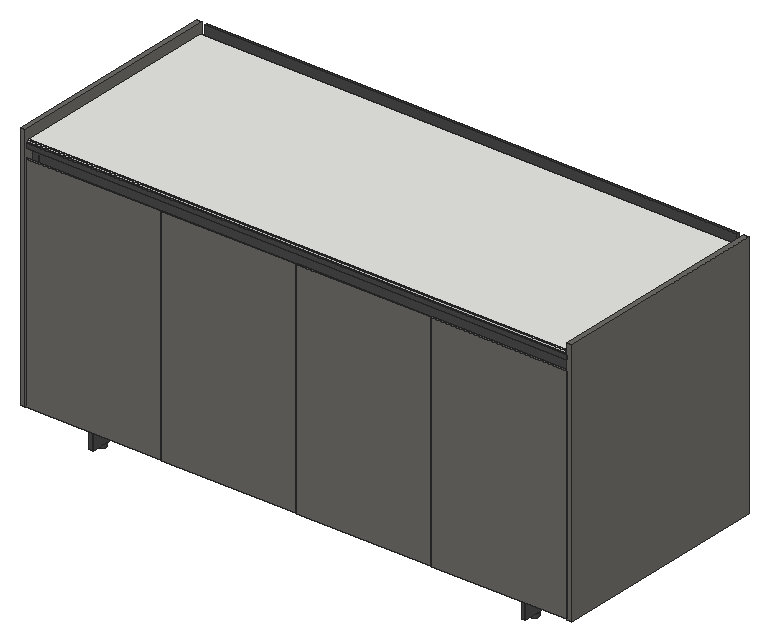
Revit family "Storage-Teknion-CW2B_C+D_Two_Storage_Credenza_29_Height_Low_Base-R2020", category Furniture, Revit 2020
Family settings
  OmniClass Number = 23.40.20.00
  OmniClass Title = General Furniture and Specialties
  Work Plane-Based = No
  Always vertical = Yes
  Cut with Voids When Loaded = No
  Shared = Yes
  Room Calculation Point = No
Parameters (values of type "24D x 60W")
  Width = 60.000"
  Warranty = "http://www.teknion.com/ca/papers/legal-canada"
  Top Finish [instance] = Laminate - StudioTK - RY - White Solid Core
  Storage Configuration Selection [instance] = "Please select only one storage configuration below."  # constant formula
  Right Waste [instance] = or([(VW) Left A/V with Upper Drawer , Right Waste], [(AW) Left A/V , Right Waste], [(DW) Left Drawers , Right Waste], [(CW) Left Closed Storage , Right Waste])  # no
  Right V&A Cut out [instance] = if(or([(WV) Left Waste , Right A/V with Upper Drawer], [(WA) Left Waste , Right A/V], [(CA) Left Closed Storage , Right A/V], [(CV) Left Closed Storage , Right A/V with Upper Drawer]), 15.000", 8.000")  # 15.000"
  Unit Weight URL = "http://www.teknion.com/ca/tools/assets#&asset=bee6a381-b954-425e-8283-5a2de3a804f2,f828d448-4b62-4231-9e5f-9a8991c0ed77"
  URL = "www.teknion.com"
  To render please download texture images found here [instance] = "https://assets.teknion.com/web/5e81352c1dfdb467/revit-material-swatches/"
  Sustainability Data = "https://www.teknion.com/ca/tools/assets#&topic=216f99a5-57a0-44fc-b10a-9dee9b29ae4c&asset=444deb64-fe58-4b68-981e-f75e97781df7,b4ff2d81-9f2e-437d-9659-7cffb09c31cf"
  Series = "C+D Conference Table"  # constant formula
  Right V&A 2D Lines [instance] = or([(WV) Left Waste , Right A/V with Upper Drawer], [(WA) Left Waste , Right A/V], [(CA) Left Closed Storage , Right A/V], [(CV) Left Closed Storage , Right A/V with Upper Drawer])  # yes
  Right Drawers [instance] = or([(DD) All Drawers], [(WD) Left Waste , Right Drawers])  # no
  Right Double Door [instance] = or([(WV) Left Waste , Right A/V with Upper Drawer], [(WA) Left Waste , Right A/V], [(VC) Left A/V with Upper Drawer , Right Closed Storage], [(AC) Left A/V , Right Closed Storage], [(CC) All Close Storage], [(CA) Left Closed Storage , Right A/V], [(CV) Left Closed Storage , Right A/V with Upper Drawer], [(WC)  Left Waste , Right Closed Storage])  # yes
  Right Door [instance] = not(or(Right Drawers, Right Waste))  # yes
  Middle 2D Node [instance] = or([(VW) Left A/V with Upper Drawer , Right Waste], [(DD) All Drawers], [(WD) Left Waste , Right Drawers], [(CV) Left Closed Storage , Right A/V with Upper Drawer])  # no
  Left Waste [instance] = or([(WV) Left Waste , Right A/V with Upper Drawer], [(WA) Left Waste , Right A/V], [(WC)  Left Waste , Right Closed Storage], [(WD) Left Waste , Right Drawers])  # no
  Left V&A Cut Out [instance] = if(or([(VW) Left A/V with Upper Drawer , Right Waste], [(AW) Left A/V , Right Waste], [(AC) Left A/V , Right Closed Storage], [(VC) Left A/V with Upper Drawer , Right Closed Storage]), 15.000", 8.000")  # 8.000"
  Left V&A 2D Lines [instance] = or([(VW) Left A/V with Upper Drawer , Right Waste], [(AW) Left A/V , Right Waste], [(AC) Left A/V , Right Closed Storage], [(VC) Left A/V with Upper Drawer , Right Closed Storage])  # no
  Left Drawers [instance] = or([(DW) Left Drawers , Right Waste], [(DD) All Drawers])  # no
  Left Double Door [instance] = or([(VW) Left A/V with Upper Drawer , Right Waste], [(AW) Left A/V , Right Waste], [(CW) Left Closed Storage , Right Waste], [(CV) Left Closed Storage , Right A/V with Upper Drawer], [(CA) Left Closed Storage , Right A/V], [(AC) Left A/V , Right Closed Storage], [(VC) Left A/V with Upper Drawer , Right Closed Storage], [(CC) All Close Storage])  # yes
  Left Door [instance] = not(or(Left Drawers, Left Waste))  # yes
  Door Size = 14.642"
  Description = "C+D Two Storage Credenza, 29\" Height, Low Based, 24\" Depth, 60\" Width"
  Case Finish [instance] = Veneer - Teknion - VP - Chia
  24 2D Node = yes
  20 2D Node = no
  (WV) Left Waste , Right A/V with Upper Drawer [instance] = no
  (VW) Left A/V with Upper Drawer , Right Waste [instance] = no
  (WD) Left Waste , Right Drawers [instance] = no
  (WA) Left Waste , Right A/V [instance] = no
  (DW) Left Drawers , Right Waste [instance] = no
  (CW) Left Closed Storage , Right Waste [instance] = no
  (CV) Left Closed Storage , Right A/V with Upper Drawer [instance] = no
  Product Page URL = "https://www.teknion.com/ca/products/product-details?productLineId=f681026f-8e7a-673b-a6c8-ff05004460c4"
  Product Line = "C+D Credenzas"  # constant formula
  Product Documentation Link = "https://www.teknion.com/pricing/cd-conference-table/pdfs/Credenzas_ppg.pdf"
  Part Number = "CW2B"  # constant formula
  Model = "CW2B_2460"
  Manufacturer Phone = "416-661-3370"  # constant formula
  Manufacturer Fax = "416.661.4586"  # constant formula
  Manufacturer Contact Information = "http://www.teknion.com/ca/contactus"
  Manufacturer Address = "1150 Flint Road, Toronto, ON. M3J 2J5. Canada"  # constant formula
  Manufacturer = "Teknion"  # constant formula
  (CA) Left Closed Storage , Right A/V [instance] = yes
  (DD) All Drawers [instance] = no
  (CC) All Close Storage [instance] = not(or([(DD) All Drawers], [(AC) Left A/V , Right Closed Storage], [(VC) Left A/V with Upper Drawer , Right Closed Storage], [(CA) Left Closed Storage , Right A/V], [(CV) Left Closed Storage , Right A/V with Upper Drawer], [(WC)  Left Waste , Right Closed Storage], [(WD) Left Waste , Right Drawers], [(WA) Left Waste , Right A/V], [(WV) Left Waste , Right A/V with Upper Drawer], [(CW) Left Closed Storage , Right Waste], [(DW) Left Drawers , Right Waste], [(AW) Left A/V , Right Waste], [(VW) Left A/V with Upper Drawer , Right Waste]))  # no
  (VC) Left A/V with Upper Drawer , Right Closed Storage [instance] = no
  How To Use Teknion Materials User Guide [instance] = "https://assets.teknion.com/m/205dd0a49fa58060/original/How-to-add-a-Material-Library-and-Texture-Images-to-your-Revit-project.pdf"
  For Additional Finishes please visit [instance] = "https://assets.teknion.com/m/44a8009b046e5d47/original/Teknion_Materials_Library.zip"
  Depth = 24.000"
  Default Elevation = 0.000"
  Assembly Code = "E2020200"
  (WC)  Left Waste , Right Closed Storage [instance] = no
  (AW) Left A/V , Right Waste [instance] = no
  (AC) Left A/V , Right Closed Storage [instance] = no
Types (5): name | Width | Top Finish | Middle 2D Node | Left Waste | Left Double Door | Left Door | Door Size | Description | Case Finish | 24 2D Node | 20 2D Node | (WA) Left Waste , Right A/V | (CV) Left Closed Storage , Right A/V with Upper Drawer | Model | (CA) Left Closed Storage , Right A/V | Depth
  (no name) | 60.000" | Laminate - StudioTK - RY - White Solid Core | no | no | yes | yes | 14.642" | "C+D Two Storage Credenza, 29\" Height, Low Based, 24\" Depth, 60\" Width" | Veneer - Teknion - VP - Chia | yes | no | no | no | "CW2B_2460" | yes | 24.000"
  20D x 60W | 60.000" | Veneer -Teknion - UR - Rustic Oak - Natural | yes | no | yes | yes | 14.642" | "C+D Two Storage Credenza, 29\" Height, Low Based, 20\" Depth, 60\" Width" | Veneer -Teknion - UZ - Rustic Oak - Truffle | no | yes | no | yes | "CW2B_2060" | no | 20.000"
  20D x 72W | 72.000" | Back-painted Glass - BQ - Teknion - Anthracite | yes | no | yes | yes | 17.642" | "C+D Two Storage Credenza, 29\" Height, Low Based, 20\" Depth, 72\" Width" | Veneer - Teknion - VJ - Bistre | no | yes | no | yes | "CW2B_2072" | no | 20.000"
  24D x 72W | 72.000" | none | no | yes | no | no | 17.642" | "C+D Two Storage Credenza, 29\" Height, Low Based, 24\" Depth, 72\" Width" | Veneer - Teknion - VP - Chia | yes | no | yes | no | "CW2B_2472" | no | 24.000"
  24D x 60W | 60.000" | Laminate - StudioTK - RY - White Solid Core | no | no | yes | yes | 14.642" | "C+D Two Storage Credenza, 29\" Height, Low Based, 24\" Depth, 60\" Width" | Veneer - Teknion - VP - Chia | yes | no | no | no | "CW2B_2460" | yes | 24.000"
Reference planes (in)
  plane 1 "Center Front/Back": y = -10
  plane 2: z = 0
  plane 3 "Center Left/Right": x = 30
  plane 4 "Left": x = 0
  plane 5 "Right": x = 60
  plane 6 "Back": y = 2
  plane 7 "Front": y = -22
  plane 8 "Top": z = 30.00394
  plane 9: x = 15.28445
  plane 10: x = 0.5689
  plane 11: x = 59.4311
  plane 12: x = 44.71555
  plane 13: x = 6.46
  plane 14: x = 53.54
  plane 15: y = -19.00095
  plane 16: y = -0.99905
  plane 17: y = -21.23622
Forms (in)
  Sweep 1, solid, material "Veneer - Teknion - VP - Chia" <- "Case Finish"
    path origin (0, -10, 0) x (1, 0, 0) y (0, 0, 1)
      loop
        line (0.53937, 30.00394) -> (0.53937, 3)
    profile origin (0.53937, -10, 16.50197) x (0, -1, 0) y (1, 0, 0)
      loop
        line (-12, -0.53937) -> (12, -0.53937) -> (12, 0) -> (-12, 0) -> (-12, -0.53937)
      loop
        line (-12, 59.46063) -> (-12, 58.92126) -> (12, 58.92126) -> (12, 59.46063) -> (-12, 59.46063)
  Sweep 2, solid, material "Veneer - Teknion - VP - Chia" <- "Case Finish"
    path origin (30, 0, 0) x (0, 1, 0) y (0, 0, 1)
      loop
        line (1.21654, 26.95276) -> (1.21654, 3)
    profile origin (30, 1.21654, 14.97638) x (1, 0, 0) y (0, 1, 0)
      loop
        line (-29.46063, 0.72441) -> (-29.46063, 0) -> (29.46063, 0) -> (29.46063, 0.72441) -> (-29.46063, 0.72441)
  Sweep 3, solid, material "Veneer - Teknion - VP - Chia" <- "Case Finish"
    path origin (0, -10, 0) x (1, 0, 0) y (0, 0, 1)
      loop
        line (0.53937, 3) -> (59.46063, 3)
    profile origin (30, -10, 3) x (0, 0, 1) y (0, -1, 0)
      loop
        line (1.03937, 11.03819) -> (0, 11.03819) -> (0, -11.21654) -> (1.03937, -11.21654) -> (1.03937, 11.03819)
  Sweep 4, solid, material "Veneer - Teknion - VP - Chia" <- "Case Finish"
    path origin (0, -10, 0) x (1, 0, 0) y (0, 0, 1)
      loop
        line (29.6378, 3) -> (29.6378, 27.54331)
    profile origin (29.6378, -10, 15.27165) x (-1, 0, 0) y (0, -1, 0)
      loop
        line (29.09843, -11.21654) -> (29.09843, 11.03819) -> (28.37402, 11.03819) -> (28.37402, -11.21654) -> (29.09843, -11.21654)
      loop
        line (0, -11.21654) -> (0, 11.03819) -> (-0.72441, 11.03819) -> (-0.72441, -11.21654) -> (0, -11.21654)
      loop
        line (-29.09843, 11.03819) -> (-29.82283, 11.03819) -> (-29.82283, -11.21654) -> (-29.09843, -11.21654) -> (-29.09843, 11.03819)
  Sweep 5, solid, material "Veneer - Teknion - VP - Chia" <- "Case Finish"
    path origin (0, -10, 0) x (1, 0, 0) y (0, 0, 1)
      loop
        line (59.46063, 28.29134) -> (0.53937, 28.29134)
    profile origin (30, -10, 28.29134) x (0, 0, -1) y (0, -1, 0)
      loop
        line (0, -11.76378) -> (0.74803, -11.76378) -> (0.74803, 11.03819) -> (0, 11.03819) -> (0, -11.76378)
  Sweep 6, solid, material "Veneer - Teknion - VP - Chia" <- "Case Finish", visible <- "Left Double Door"
    path origin (0, -10, 0) x (1, 0, 0) y (0, 0, 1)
      loop
        line (15.24016, 27.25197) -> (0.59843, 27.25197)
    profile origin (7.91929, -10, 27.25197) x (0, 0, -1) y (0, -1, 0)
      loop
        line (0, 11.96063) -> (0, 11.84252) -> (0.6063, 11.23622) -> (24.25197, 11.23622) -> (24.25197, 11.96063) -> (0, 11.96063)
  Sweep 7, solid, material "Veneer - Teknion - VP - Chia" <- "Case Finish", visible <- "Left Double Door"
    path origin (14.72047, -10, 0) x (1, 0, 0) y (0, 0, 1)
      loop
        line (15.24016, 27.25197) -> (0.59843, 27.25197)
    profile origin (22.63976, -10, 27.25197) x (0, 0, -1) y (0, -1, 0)
      loop
        line (0, 11.96063) -> (0, 11.84252) -> (0.6063, 11.23622) -> (24.25197, 11.23622) -> (24.25197, 11.96063) -> (0, 11.96063)
  Sweep 8, solid, material "Veneer - Teknion - VP - Chia" <- "Case Finish", visible <- "Right Double Door"
    path origin (29.44094, -10, 0) x (1, 0, 0) y (0, 0, 1)
      loop
        line (15.24016, 27.25197) -> (0.59843, 27.25197)
    profile origin (37.36024, -10, 27.25197) x (0, 0, -1) y (0, -1, 0)
      loop
        line (0, 11.96063) -> (0, 11.84252) -> (0.6063, 11.23622) -> (24.25197, 11.23622) -> (24.25197, 11.96063) -> (0, 11.96063)
  Sweep 9, solid, material "Veneer - Teknion - VP - Chia" <- "Case Finish", visible <- "Right Double Door"
    path origin (44.16142, -10, 0) x (1, 0, 0) y (0, 0, 1)
      loop
        line (15.24016, 27.25197) -> (0.59843, 27.25197)
    profile origin (52.08071, -10, 27.25197) x (0, 0, -1) y (0, -1, 0)
      loop
        line (0, 11.96063) -> (0, 11.84252) -> (0.6063, 11.23622) -> (24.25197, 11.23622) -> (24.25197, 11.96063) -> (0, 11.96063)
  Sweep 10, solid, material "Veneer - Teknion - VP - Chia" <- "Case Finish", visible <- "Left Drawers"
    path origin (0, -10, 0) x (1, 0, 0) y (0, 0, 1)
      loop
        line (0.59843, 19.12598) -> (29.96063, 19.12598)
    profile origin (15.27953, -10, 19.12598) x (0, 0, 1) y (0, -1, 0)
      loop
        line (8.12598, 11.84252) -> (8.12598, 11.96063) -> (-3.5, 11.96063) -> (-3.5, 11.23622) -> (7.51969, 11.23622) -> (8.12598, 11.84252)
  Sweep 11, solid, material "Veneer - Teknion - VP - Chia" <- "Case Finish", visible <- "Left Drawers"
    path origin (0, -10, 0) x (1, 0, 0) y (0, 0, 1)
      loop
        line (29.96063, 18.12598) -> (0.59843, 18.12598)
    profile origin (15.27953, -10, 18.12598) x (0, 0, -1) y (0, -1, 0)
      loop
        line (3.5, 11.96063) -> (3.5, 11.84252) -> (4.1063, 11.23622) -> (15.12598, 11.23622) -> (15.12598, 11.96063) -> (3.5, 11.96063)
  Sweep 12, solid, material "Veneer - Teknion - VP - Chia" <- "Case Finish", visible <- "Right Drawers"
    path origin (29.44094, -10, 0) x (1, 0, 0) y (0, 0, 1)
      loop
        line (0.59843, 19.12598) -> (29.96063, 19.12598)
    profile origin (44.72047, -10, 19.12598) x (0, 0, 1) y (0, -1, 0)
      loop
        line (8.12598, 11.84252) -> (8.12598, 11.96063) -> (-3.5, 11.96063) -> (-3.5, 11.23622) -> (7.51969, 11.23622) -> (8.12598, 11.84252)
  Sweep 13, solid, material "Veneer - Teknion - VP - Chia" <- "Case Finish", visible <- "Right Drawers"
    path origin (29.44094, -10, 0) x (1, 0, 0) y (0, 0, 1)
      loop
        line (29.96063, 18.12598) -> (0.59843, 18.12598)
    profile origin (44.72047, -10, 18.12598) x (0, 0, -1) y (0, -1, 0)
      loop
        line (3.5, 11.96063) -> (3.5, 11.84252) -> (4.1063, 11.23622) -> (15.12598, 11.23622) -> (15.12598, 11.96063) -> (3.5, 11.96063)
  Sweep 14, solid, material "Paint - Teknion - 52 - Ebony"
    path origin (0, 0, 0) x (1, 0, 0) y (0, 1, 0)
      loop
        line (59.46063, -20.29016) -> (0.53937, -20.29016)
    profile origin (30, -20.29016, 0) x (0, -1, 0) y (0, 0, 1)
      loop
        line (1.67055, 28.78346) -> (1.27685, 28.78346) -> (1.27685, 28.33071) -> (0.74803, 28.33071) -> (0.74803, 27.54331) -> (0, 27.54331) -> (0, 26.32283) -> (0.82803, 26.32283) -> (0.82803, 28.25071) -> (1.67055, 28.25071) -> (1.67055, 28.78346)
  Sweep 15, solid, material "Paint - Teknion - 52 - Ebony"
    path origin (0, 0, 0) x (1, 0, 0) y (0, 1, 0)
      loop
        line (1.03937, 0.76378) -> (58.96063, 0.76378)
    profile origin (30, 0.76378, 0) x (0, 1, 0) y (0, 0, 1)
      loop
        line (1.23622, 30.00394) -> (1, 30.00394) -> (1, 28.58324)
        arc (1, 28.58324) -> (1, 28.52756) -> (0.94432, 28.52756) r 0.03937
        line (0.94432, 28.52756) -> (0, 28.52756) -> (0, 28.29134) -> (0.94432, 28.29134)
        arc (0.94432, 28.29134) -> (1, 28.29134) -> (1, 28.23566) r 0.03937
        line (1, 28.23566) -> (1, 27.54331) -> (1.23622, 27.54331) -> (1.23622, 30.00394)
  Sweep 16, solid, material "Veneer - Teknion - VP - Chia" <- "Case Finish", visible <- "Left Waste"
    path origin (0, -10, 0) x (1, 0, 0) y (0, 0, 1)
      loop
        line (29.96063, 27.25197) -> (0.59843, 27.25197)
    profile origin (15.27953, -10, 27.25197) x (0, 0, -1) y (0, -1, 0)
      loop
        line (0, 11.84252) -> (0.6063, 11.23622) -> (24.25197, 11.23622) -> (24.25197, 11.96063) -> (0, 11.96063) -> (0, 11.84252)
  Sweep 17, solid, material "Veneer - Teknion - VP - Chia" <- "Case Finish", visible <- "Right Waste"
    path origin (29.44094, -10, 0) x (1, 0, 0) y (0, 0, 1)
      loop
        line (29.96063, 27.25197) -> (0.59843, 27.25197)
    profile origin (44.72047, -10, 27.25197) x (0, 0, -1) y (0, -1, 0)
      loop
        line (0, 11.84252) -> (0.6063, 11.23622) -> (24.25197, 11.23622) -> (24.25197, 11.96063) -> (0, 11.96063) -> (0, 11.84252)
  Sweep 18, solid, material "Laminate - StudioTK - RY - White Solid Core" <- "Top Finish"
    path origin (0, -10, 0) x (1, 0, 0) y (0, 0, 1)
      loop
        line (0.53937, 29) -> (59.46063, 29)
    profile origin (30, -10, 29) x (0, 0, 1) y (0, -1, 0)
      loop
        arc (0, 11.66535) -> (-0.0173, 11.70711) -> (-0.05906, 11.72441) r 0.05906
        line (-0.05906, 11.72441) -> (-0.21654, 11.72441) -> (-0.21654, 11.48819) -> (-0.47244, 11.48819) -> (-0.47244, -11.76378) -> (0, -11.76378) -> (0, 11.66535)
  Sweep 19, solid, material "Paint - Teknion - 52 - Ebony", visible <- "Left Drawers"
    path origin (0, -10, 0) x (1, 0, 0) y (0, 0, 1)
      loop
        line (15.28445, 15.70472) -> (15.28445, 13.73622)
    profile origin (15.28445, -10, 14.72047) x (0, -1, 0) y (1, 0, 0)
      loop
        line (11.03819, -14.02067) -> (11.03819, -14.74508) -> (11.11319, -14.74508) -> (11.11319, 14.71555) -> (11.03819, 14.71555) -> (11.03819, 14.35335) -> (10.29016, 14.35335) -> (10.29016, -14.02067) -> (11.03819, -14.02067)
  Sweep 20, solid, material "Paint - Teknion - 52 - Ebony", visible <- "Right Drawers"
    path origin (29.46063, -10, 0) x (1, 0, 0) y (0, 0, 1)
      loop
        line (15.25492, 15.70472) -> (15.25492, 13.73622)
    profile origin (44.71555, -10, 14.72047) x (0, -1, 0) y (1, 0, 0)
      loop
        line (11.03819, -14.35335) -> (11.03819, -14.71555) -> (11.11319, -14.71555) -> (11.11319, 14.74508) -> (11.03819, 14.74508) -> (11.03819, 14.02067) -> (10.29016, 14.02067) -> (10.29016, -14.35335) -> (11.03819, -14.35335)
  Sweep 21, void
    path origin (54.48412, -2.36839, 48) x (0, 1, 0) y (0, 0, 1)
      loop
        line (7.36839, -29.52362) -> (-7.63161, -29.52362)
    profile origin (54.48412, -2.5, 18.47638) x (0, 0, -1) y (1, 0, 0)
      loop
        arc (-1.5, -14.39491) -> (-1.42678, -14.57169) -> (-1.25, -14.64491) r 0.25
        line (-1.25, -14.64491) -> (8.25, -14.64491)
        arc (8.25, -14.64491) -> (8.42678, -14.57169) -> (8.5, -14.39491) r 0.25
        line (8.5, -14.39491) -> (8.5, -4.89491)
        arc (8.5, -4.89491) -> (8.42678, -4.71813) -> (8.25, -4.64491) r 0.25
        line (8.25, -4.64491) -> (-1.25, -4.64491)
        arc (-1.25, -4.64491) -> (-1.42678, -4.71813) -> (-1.5, -4.89491) r 0.25
        line (-1.5, -4.89491) -> (-1.5, -14.39491)
  Sweep 22, void
    path origin (54.48412, -2.36839, 48) x (0, 1, 0) y (0, 0, 1)
      loop
        line (-7.63161, -29.52362) -> (0.36839, -29.52362)
    profile origin (54.48412, -6, 18.47638) x (0, 0, 1) y (1, 0, 0)
      loop
        line (1.5, -43.49333) -> (1.5, -33.99333)
        arc (1.5, -33.99333) -> (1.42678, -33.81656) -> (1.25, -33.74333) r 0.25
        line (1.25, -33.74333) -> (-8.25, -33.74333)
        arc (-8.25, -33.74333) -> (-8.42678, -33.81656) -> (-8.5, -33.99333) r 0.25
        line (-8.5, -33.99333) -> (-8.5, -43.49333)
        arc (-8.5, -43.49333) -> (-8.42678, -43.67011) -> (-8.25, -43.74333) r 0.25
        line (-8.25, -43.74333) -> (1.25, -43.74333)
        arc (1.25, -43.74333) -> (1.42678, -43.67011) -> (1.5, -43.49333) r 0.25
  Sweep 23, solid, material "Paint - Teknion - 52 - Ebony"
    path origin (0, -10, 0) x (1, 0, 0) y (0, 0, 1)
      loop
        line (6.46, 0.27559) -> (6.46, 0)
    profile origin (6.46, -10, 0.1378) x (0, -1, 0) y (1, 0, 0)
      loop
        circle (9.00095, 0) r 0.4143
      loop
        circle (-9.00095, 0) r 0.4143
      loop
        circle (-9.00095, 47.08) r 0.4143
      loop
        circle (9.00095, 47.08) r 0.4143
  Sweep 24, solid, material "Paint - Teknion - 52 - Ebony"
    path origin (0, -10, 0) x (1, 0, 0) y (0, 0, 1)
      loop
        line (6.46, 3) -> (6.46, 0.27559)
    profile origin (6.46, -10, 1.6378) x (0, -1, 0) y (1, 0, 0)
      loop
        line (10.5, -0.19094) -> (10.5, 0.19094) -> (10.44094, 0.25) -> (-10.44094, 0.25) -> (-10.5, 0.19094) -> (-10.5, -0.19094) -> (-10.44094, -0.25) -> (10.44094, -0.25) -> (10.5, -0.19094)
      loop
        line (10.5, 46.88906) -> (10.5, 47.27094) -> (10.44094, 47.33) -> (-10.44094, 47.33) -> (-10.5, 47.27094) -> (-10.5, 46.88906) -> (-10.44094, 46.83) -> (10.44094, 46.83) -> (10.5, 46.88906)
  Sweep 25, solid, material "Paint - Teknion - 52 - Ebony"
    path origin (0, -10, 0) x (1, 0, 0) y (0, 0, 1)
      loop
        line (30, 3) -> (30, 0.25)
    profile origin (30, -10, 1.625) x (0, -1, 0) y (1, 0, 0)
      loop
        line (-8.5, -23.29) -> (2.5, -23.29) -> (2.5, 23.29) -> (-8.5, 23.29) -> (-8.5, -23.29)
      loop
        line (-7.75, -22.54) -> (1.75, -22.54) -> (1.75, 22.54) -> (-7.75, 22.54) -> (-7.75, -22.54)
Cuts and joins
  Sweep 21, Sweep 22 cuts Sweep 2
Lines and regions (in)
  Masking region 1
    outline origin (0, 0, 0) x (1, 0, 0) y (0, 1, 0)
      loop
        line (0, 2) -> (0, -22) -> (0.53937, -22) -> (0.53937, -21.96071) -> (59.46063, -21.96071) -> (59.46063, -22) -> (60, -22) -> (60, 2) -> (59.46063, 2) -> (59.46063, 1.94094) -> (58.96063, 1.94094) -> (58.96063, 2) -> (1.03937, 2) -> (1.03937, 1.94094) -> (0.53937, 1.94094) -> (0.53937, 2) -> (0, 2)
  symbolic lines
    curve 1: line (0.53937, -22, 0) -> (0.53937, 2, 0)
    curve 2: line (0.53937, -21.72441, 0) -> (59.46063, -21.72441, 0)
    curve 3: line (59.46063, 2, 0) -> (59.46063, -22, 0)
    curve 4: line (59.46063, 1.76378, 0) -> (0.53937, 1.76378, 0)
    curve 5: line (58.96063, 2, 0) -> (58.96063, 1.76378, 0)
    curve 6: line (1.03937, 2, 0) -> (1.03937, 1.76378, 0)
  symbolic lines, style "FurnitureHiddenLines", detail levels medium+fine
    curve 7: line (59.46063, 1.94094, 0) -> (0.53937, 1.94094, 0)
    curve 8: line (1.03937, 0.76378, 0) -> (58.96063, 0.76378, 0)
    curve 9: line (59.46063, 1.21654, 0) -> (0.53937, 1.21654, 0)
    curve 10: line (1.26378, -21.03819, 0) -> (1.26378, 1.21654, 0)
    curve 11: line (1.03937, 0.76378, 0) -> (1.03937, 2, 0)
    curve 12: line (58.96063, 1.7081, 0) -> (1.03937, 1.7081, 0)
    curve 13: line (58.73622, 1.21654, 0) -> (58.73622, -21.03819, 0)
    curve 14: line (59.46063, -21.03819, 0) -> (0.53937, -21.03819, 0)
    curve 15: line (29.6378, 1.21654, 0) -> (29.6378, -21.03819, 0)
    curve 16: line (30.3622, -21.03819, 0) -> (30.3622, 1.21654, 0)
    curve 17: line (59.46063, -20.29016, 0) -> (0.53937, -20.29016, 0)
    curve 18: line (0.53937, -21.11819, 0) -> (59.46063, -21.11819, 0)
    curve 19: line (59.46063, -21.56701, 0) -> (0.53937, -21.56701, 0)
    curve 20: line (0.53937, -21.48819, 0) -> (59.46063, -21.48819, 0)
    curve 32: line (29.96063, -21.23622, 0) -> (29.96063, -21.96063, 0)
    curve 34: line (29.96063, -21.23622, 0) -> (0.59843, -21.23622, 0)
    curve 35: line (0.59843, -21.23622, 0) -> (0.59843, -21.96063, 0)
    curve 49: line (10.74079, 1.94094, 0) -> (20.74079, 1.94094, 0)
    curve 50: line (10.74079, 1.21654, 0) -> (10.74079, 1.94094, 0)
    curve 51: line (20.74079, 1.21654, 0) -> (10.74079, 1.21654, 0)
    curve 52: line (20.74079, 1.94094, 0) -> (20.74079, 1.21654, 0)
    curve 53: line (39.83921, 1.94094, 0) -> (49.83921, 1.94094, 0)
    curve 54: line (39.83921, 1.21654, 0) -> (39.83921, 1.94094, 0)
    curve 55: line (49.83921, 1.21654, 0) -> (39.83921, 1.21654, 0)
    curve 56: line (49.83921, 1.94094, 0) -> (49.83921, 1.21654, 0)
  symbolic lines, style "FurnitureHiddenLines", visible <- "Left Double Door", detail levels medium+fine
    curve 21: line (0.59843, -21.23622, 0) -> (0.59843, -21.96063, 0)
    curve 22: line (15.24016, -21.23622, 0) -> (15.24016, -21.96063, 0)
    curve 23: line (15.24016, -21.23622, 0) -> (0.59843, -21.23622, 0)
    curve 24: line (15.3189, -21.23622, 0) -> (15.3189, -21.96063, 0)
    curve 25: line (29.96063, -21.23622, 0) -> (15.3189, -21.23622, 0)
  symbolic lines, style "FurnitureHiddenLines", visible <- "Right Double Door", detail levels medium+fine
    curve 26: line (44.6811, -21.23622, 0) -> (44.6811, -21.96063, 0)
    curve 27: line (44.6811, -21.23622, 0) -> (30.03937, -21.23622, 0)
    curve 28: line (30.03937, -21.23622, 0) -> (30.03937, -21.96063, 0)
    curve 29: line (59.40157, -21.23622, 0) -> (44.75984, -21.23622, 0)
    curve 30: line (44.75984, -21.23622, 0) -> (44.75984, -21.96063, 0)
    curve 31: line (59.40157, -21.23622, 0) -> (59.40157, -21.96063, 0)
  symbolic lines, style "FurnitureHiddenLines", visible <- "Left Waste", detail levels medium+fine
    curve 33: line (29.96063, -21.23622, 0) -> (29.96063, -21.96063, 0)
  symbolic lines, style "FurnitureHiddenLines", visible <- "Right Drawers", detail levels medium+fine
    curve 36: line (30.03937, -21.23622, 0) -> (30.03937, -21.96063, 0)
    curve 37: line (59.40157, -21.23622, 0) -> (30.03937, -21.23622, 0)
    curve 38: line (59.40157, -21.23622, 0) -> (59.40157, -21.96063, 0)
  symbolic lines, style "FurnitureHiddenLines", visible <- "Left Drawers", detail levels medium+fine
    curve 39: line (0.59843, -21.96063, 0) -> (0.59843, -21.23622, 0)
    curve 40: line (29.96063, -21.23622, 0) -> (0.59843, -21.23622, 0)
    curve 41: line (29.96063, -21.96063, 0) -> (29.96063, -21.23622, 0)
  symbolic lines, style "FurnitureHiddenLines", visible <- "Right Waste", detail levels medium+fine
    curve 42: line (59.40157, -21.96063, 0) -> (59.40157, -21.23622, 0)
    curve 43: line (59.40157, -21.23622, 0) -> (30.03937, -21.23622, 0)
    curve 44: line (30.03937, -21.96063, 0) -> (30.03937, -21.23622, 0)
  reference lines
    curve 45: line (0, 2, 0) -> (60, 2, 0)
    curve 46: line (0, 4, 0) -> (0, -24, 0)
    curve 47: line (0, -22, 0) -> (60, -22, 0)
    curve 48: line (60, 4, 0) -> (60, -24, 0)
  symbolic lines, style "FurnitureHiddenLines", detail levels fine
    curve 57: line (6.71, -20.44094, 0) -> (6.71, 0.44094, 0)
    curve 58: arc (6.46, -1.41335, 0) -> (6.8743, -0.99905, 0) -> (6.46, -0.58475, 0) r 0.4143
    curve 59: arc (6.46, -0.58475, 0) -> (6.0457, -0.99905, 0) -> (6.46, -1.41335, 0) r 0.4143
    curve 60: line (6.71, 0.44094, 0) -> (6.65094, 0.5, 0)
    curve 61: line (6.65094, 0.5, 0) -> (6.26906, 0.5, 0)
    curve 62: line (6.26906, 0.5, 0) -> (6.21, 0.44094, 0)
    curve 63: line (6.21, 0.44094, 0) -> (6.21, -20.44094, 0)
    curve 64: line (6.26906, -20.5, 0) -> (6.65094, -20.5, 0)
    curve 65: line (6.21, -20.44094, 0) -> (6.26906, -20.5, 0)
    curve 66: line (6.65094, -20.5, 0) -> (6.71, -20.44094, 0)
    curve 67: arc (6.46, -19.41525, 0) -> (6.8743, -19.00095, 0) -> (6.46, -18.58665, 0) r 0.4143
    curve 68: arc (6.46, -18.58665, 0) -> (6.0457, -19.00095, 0) -> (6.46, -19.41525, 0) r 0.4143
    curve 69: line (6.71, -12.5, 0) -> (53.29, -12.5, 0)
    curve 70: line (52.54, -11.75, 0) -> (7.46, -11.75, 0)
    curve 71: line (7.46, -11.75, 0) -> (7.46, -2.25, 0)
    curve 72: line (52.54, -2.25, 0) -> (52.54, -11.75, 0)
    curve 73: line (7.46, -2.25, 0) -> (52.54, -2.25, 0)
    curve 74: line (53.29, -1.5, 0) -> (6.71, -1.5, 0)
    curve 75: line (53.29, 0.44094, 0) -> (53.29, -20.44094, 0)
    curve 76: line (53.79, -20.44094, 0) -> (53.79, 0.44094, 0)
    curve 77: line (53.34906, -20.5, 0) -> (53.73094, -20.5, 0)
    curve 78: line (53.29, -20.44094, 0) -> (53.34906, -20.5, 0)
    curve 79: line (53.73094, -20.5, 0) -> (53.79, -20.44094, 0)
    curve 80: line (53.73094, 0.5, 0) -> (53.34906, 0.5, 0)
    curve 81: line (53.34906, 0.5, 0) -> (53.29, 0.44094, 0)
    curve 82: line (53.79, 0.44094, 0) -> (53.73094, 0.5, 0)
    curve 83: arc (53.54, -1.41335, 0) -> (53.9543, -0.99905, 0) -> (53.54, -0.58475, 0) r 0.4143
    curve 84: arc (53.54, -0.58475, 0) -> (53.1257, -0.99905, 0) -> (53.54, -1.41335, 0) r 0.4143
    curve 85: arc (53.54, -19.41525, 0) -> (53.9543, -19.00095, 0) -> (53.54, -18.58665, 0) r 0.4143
    curve 86: arc (53.54, -18.58665, 0) -> (53.1257, -19.00095, 0) -> (53.54, -19.41525, 0) r 0.4143
Dimensions and locks (in)
  "Width": plane 4 "Left" to plane 5 "Right"
  "Depth": plane 6 "Back" to plane 7 "Front"
  plane 8 "Top" to level = 30.00394"
  locked: Sweep 1 sketch curve to Sweep 1 sketch curve at 0.53937  (x2)
  Sweep 2 sketch curve to plane 6 "Back" = 0.78346"
  plane 6 "Back" to Sweep 2 sketch curve to Sweep 2 sketch curve = 0.05906" locked, 0.72441" locked
  locked: Sweep 4 sketch curve to Sweep 4 sketch curve at 0.72441  (x2)
  locked: plane 7 "Front" to Sweep 3 sketch curve at 0.96181
  equal spacing: plane 4 "Left", plane 3 "Center Left/Right", plane 5 "Right"
  Sweep 4 sketch curve to plane 3 "Center Left/Right" to Sweep 4 sketch curve = 0.3622" locked, 0.3622" locked
  locked: plane 6 "Back" to Sweep 5 sketch curve at 0.23622
  locked: Sweep 5 sketch curve to plane 7 "Front" at 0.96181
  locked: Sweep 5 sketch curve to Sweep 5 sketch curve at 0.74803
  plane 7 "Front" to Sweep 6 sketch curve to Sweep 6 sketch curve = 0.03937" locked, 0.72441" locked
  locked: Sweep 6 sketch curve to plane 4 "Left" at 0.59843
  locked: Sweep 10 sketch curve to plane 4 "Left" at 0.59843
  locked: plane 3 "Center Left/Right" to Sweep 10 sketch curve at 0.03937
  locked: Sweep 10 sketch curve to plane 2 at 19.12598
  plane 7 "Front" to Sweep 10 sketch curve to Sweep 10 sketch curve = 0.03937" locked, 0.72441" locked
  locked: Sweep 11 sketch curve to plane 4 "Left" at 0.59843
  locked: plane 3 "Center Left/Right" to Sweep 11 sketch curve at 0.03937
  locked: Sweep 11 sketch curve to plane 2 at 18.12598
  plane 7 "Front" to Sweep 11 sketch curve to Sweep 11 sketch curve = 0.03937" locked, 0.72441" locked
  locked: Sweep 12 sketch curve to Sweep 12 sketch curve at 0.72441
  locked: Sweep 13 sketch curve to Sweep 13 sketch curve at 0.6063
  locked: Sweep 13 sketch curve to Sweep 13 sketch curve at 0.72441
  locked: Sweep 12 sketch curve to plane 5 "Right" at 0.59843
  locked: Sweep 12 sketch curve to plane 3 "Center Left/Right" at 0.03937
  locked: Sweep 12 sketch curve to plane 2 at 19.12598
  locked: Sweep 9 to Sweep 12 sketch curve at 0.6063
  locked: plane 7 "Front" to Sweep 12 sketch curve at 0.03937
  locked: Sweep 13 sketch curve to plane 3 "Center Left/Right" at 0.03937
  locked: Sweep 13 sketch curve to plane 5 "Right" at 0.59843
  locked: Sweep 13 sketch curve to plane 2 at 18.12598
  locked: plane 7 "Front" to Sweep 13 sketch curve at 0.03937
  locked: plane 4 "Left" to Sweep 14 sketch curve at 0.53937
  locked: Sweep 14 sketch curve to plane 5 "Right" at 0.53937
  locked: plane 7 "Front" to Sweep 14 sketch curve at 1.70984
  plane 7 "Front" to Sweep 14 sketch curve to Sweep 14 sketch curve to Sweep 14 sketch curve to Sweep 14 sketch curve = 0.03929" locked, 0.3937" locked, 0.44882" locked, 0.080" locked
  locked: Sweep 14 sketch curve to Sweep 14 sketch curve at 0.74803
  Sweep 14 sketch curve to Sweep 14 sketch curve to Sweep 14 sketch curve to Sweep 14 sketch curve to Sweep 14 sketch curve = 0.45276" locked, 0.080" locked, 0.7074" locked, 1.22047" locked
  locked: plane 4 "Left" to Sweep 15 sketch curve at 1.03937
  locked: Sweep 15 sketch curve to plane 5 "Right" at 1.03937
  locked: plane 6 "Back" to Sweep 15 sketch curve at 1.23622
  Sweep 15 sketch curve to Sweep 15 sketch curve to Sweep 15 sketch curve to Sweep 15 sketch curve = 1.47638" locked, 0.23622" locked, 0.74803" locked
  Sweep 15 sketch curve to Sweep 15 sketch curve to Sweep 15 sketch curve to Sweep 15 sketch curve = 1.000" locked, 0.000" locked, 0.23622" locked
  locked: Sweep 16 sketch curve to plane 4 "Left" at 0.59843
  locked: plane 3 "Center Left/Right" to Sweep 16 sketch curve at 0.03937
  locked: plane 8 "Top" to Sweep 16 sketch curve at 2.75197
  plane 7 "Front" to Sweep 16 sketch curve to Sweep 16 sketch curve to Sweep 16 sketch curve = 0.03937" locked, 0.11811" locked, 0.6063" locked
  Sweep 17 sketch curve to Sweep 17 sketch curve to Sweep 17 sketch curve = 0.11811" locked, 0.6063" locked
  locked: Sweep 17 sketch curve to plane 5 "Right" at 0.59843
  locked: Sweep 17 sketch curve to plane 3 "Center Left/Right" at 0.03937
  locked: plane 8 "Top" to Sweep 17 sketch curve at 2.75197  (x2)
  locked: plane 7 "Front" to Sweep 17 sketch curve at 0.03937
  locked: Sweep 18 sketch curve to plane 4 "Left" at 0.53937
  locked: Sweep 18 sketch curve to plane 5 "Right" at 0.53937
  locked: plane 8 "Top" to Sweep 18 sketch curve at 1.00394
  plane 8 "Top" to Sweep 18 sketch curve to Sweep 18 sketch curve = 1.00394" locked, 0.47244" locked
  plane 7 "Front" to Sweep 18 sketch curve to Sweep 18 sketch curve = 0.27559" locked, 0.23622" locked
  locked: Sweep 18 sketch curve to plane 6 "Back" at 0.23622
  equal spacing: plane 6 "Back", plane 1 "Center Front/Back", plane 7 "Front"
  plane 7 "Front" to Sweep 7 sketch curve to Sweep 7 sketch curve = 0.03937" locked, 0.72441" locked
  plane 7 "Front" to Sweep 9 sketch curve to Sweep 9 sketch curve = 0.03937" locked, 0.72441" locked
  locked: plane 8 "Top" to Sweep 9 sketch curve at 2.75197  (x2)
  plane 7 "Front" to Sweep 8 sketch curve to Sweep 8 sketch curve = 0.03937" locked, 0.72441" locked
  locked: plane 8 "Top" to Sweep 8 sketch curve at 2.75197  (x2)
  locked: plane 3 "Center Left/Right" to Sweep 7 sketch curve at 0.03937
  locked: plane 8 "Top" to Sweep 7 sketch curve at 2.75197
  locked: plane 8 "Top" to Sweep 6 sketch curve at 2.75197
  locked: Sweep 8 sketch curve to plane 3 "Center Left/Right" at 0.03937
  locked: Sweep 9 sketch curve to plane 5 "Right" at 0.59843
  equal spacing: plane 3 "Center Left/Right", plane 9, plane 10
  locked: plane 10 to plane 4 "Left" at 0.5689
  locked: Sweep 6 sketch curve to plane 9 at 0.04429
  locked: plane 9 to Sweep 7 sketch curve at 0.03445
  equal spacing: plane 11, plane 12, plane 3 "Center Left/Right"
  locked: plane 11 to plane 5 "Right" at 0.5689
  locked: plane 12 to Sweep 8 sketch curve at 0.03445
  locked: Sweep 9 sketch curve to plane 12 at 0.04429
  locked: Sweep 19 sketch curve to plane 3 "Center Left/Right" at 0.3622
  locked: plane 10 to Sweep 19 sketch curve at 0.69488
  plane 7 "Front" to Sweep 19 sketch curve to Sweep 19 sketch curve to Sweep 19 sketch curve to Sweep 19 sketch curve = 0.88681" locked, 0.075" locked, 0.000" locked, 0.74803" locked
  locked: Sweep 20 sketch curve to Sweep 20 sketch curve at 1.9685
  Sweep 20 sketch curve to Sweep 20 sketch curve to Sweep 20 sketch curve to Sweep 20 sketch curve = 0.075" locked, 0.000" locked, 0.74803" locked
  locked: plane 7 "Front" to Sweep 20 sketch curve at 0.88681
  locked: plane 3 "Center Left/Right" to Sweep 20 sketch curve at 0.3622
  locked: Sweep 20 sketch curve to plane 11 at 0.69488
  "Right V&A Cut out": Sweep 21 sketch curve to Sweep 21 sketch curve
  locked: Sweep 21 sketch curve to plane 2 at 18.47638
  "Left V&A Cut Out": Sweep 22 sketch curve to Sweep 22 sketch curve
  locked: plane 8 "Top" to Sweep 22 sketch curve at 11.52756
  plane 8 "Top" to Sweep 17 to Sweep 16 sketch curve to Sweep 16 sketch curve = 2.75197" locked, 0.6063" locked, 23.64567" locked
  Sweep 12 to Sweep 17 sketch curve to Sweep 17 sketch curve = 0.6063" locked, 23.64567" locked
  locked: Sweep 1 sketch curve to Sweep 1 sketch curve at 27.00394
  plane 8 "Top" to Sweep 6 sketch curve to Sweep 6 sketch curve to Sweep 6 sketch curve = 2.75197" locked, 0.6063" locked, 23.64567" locked
  plane 8 "Top" to Sweep 7 sketch curve to Sweep 7 sketch curve = 2.75197" locked, 0.6063" locked
  locked: Sweep 7 sketch curve to Sweep 7 sketch curve at 23.64567
  Sweep 8 sketch curve to Sweep 8 sketch curve to Sweep 8 sketch curve = 23.64567" locked, 0.6063" locked
  Sweep 9 sketch curve to Sweep 9 sketch curve to Sweep 9 sketch curve = 23.64567" locked, 0.6063" locked
  locked: plane 13 to plane 4 "Left" at 6.46
  locked: plane 14 to plane 5 "Right" at 6.46
  plane 8 "Top" to Sweep 4 sketch curve to Sweep 4 sketch curve = 2.46063" locked, 24.54331" locked
  Sweep 3 sketch curve to Sweep 3 sketch curve to plane 2 = 1.03937" locked, 3.000" locked
  locked: Sweep 20 sketch curve to plane 2 at 13.73622
  Sweep 19 sketch curve to Sweep 19 sketch curve to plane 2 = 1.9685" locked, 13.73622" locked
  Sweep 11 sketch curve to Sweep 11 sketch curve to Sweep 11 sketch curve = 0.6063" locked, 11.01969" locked
  locked: Sweep 13 sketch curve to Sweep 13 sketch curve at 11.01969
  Sweep 10 sketch curve to Sweep 10 sketch curve to Sweep 10 sketch curve to plane 8 "Top" = 11.01969" locked, 0.6063" locked, 2.75197" locked
  Sweep 12 sketch curve to Sweep 12 sketch curve = 11.01969"
  locked: plane 8 "Top" to Sweep 12 sketch curve at 2.75197
  locked: Sweep 23 sketch curve to Sweep 23 sketch curve at 0.27559
  locked: plane 6 "Back" to plane 16 at 2.99905
  locked: plane 7 "Front" to plane 15 at 2.99905
  Sweep 24 sketch curve to plane 14 to Sweep 24 sketch curve = 0.250" locked, 0.250" locked
  Sweep 24 sketch curve to plane 13 to Sweep 24 sketch curve = 0.250" locked, 0.250" locked
  locked: plane 7 "Front" to Sweep 24 sketch curve at 1.5  (x2)
  locked: plane 6 "Back" to Sweep 24 sketch curve at 1.5  (x2)
  locked: Sweep 25 sketch curve to plane 2 at 0.25
  plane 6 "Back" to Sweep 25 sketch curve to Sweep 25 sketch curve = 3.500" locked, 0.750" locked
  plane 7 "Front" to Sweep 25 sketch curve to Sweep 25 sketch curve = 9.500" locked, 0.750" locked
  locked: Sweep 25 sketch curve to Sweep 25 sketch curve at 0.75  (x2)
  Sweep 22 sketch curve to Sweep 22 sketch curve to plane 2 = 10.000" locked, 9.97638" locked
  Sweep 22 sketch curve to plane 9 to Sweep 22 sketch curve = 4.54366" locked, 5.45634" locked
  Sweep 21 sketch curve to plane 12 to Sweep 21 sketch curve = 5.12366" locked, 4.87634" locked
  Sweep 21 sketch curve to Sweep 21 sketch curve to plane 2 = 10.000" locked, 9.97638" locked
  locked: plane 7 "Front" to plane 17 at 0.76378
  locked: nested 11 to plane 3 "Center Left/Right" at 0.03937
  locked: plane 3 "Center Left/Right" to nested 12 at 0.03937
  locked: nested 13 to plane 11 at 0.02953
  aligned and locked: level to plane 2
  aligned and locked: plane 4 "Left" to Sweep 1 sketch curve
  aligned and locked: Sweep 1 sketch curve to plane 5 "Right"
  aligned and locked: Sweep 1 sketch curve to plane 6 "Back"
  aligned and locked: Sweep 1 sketch curve to plane 7 "Front"
  aligned and locked: plane 6 "Back" to Sweep 1 sketch curve
  aligned and locked: plane 7 "Front" to Sweep 1 sketch curve
  aligned and locked: Sweep 2 sketch curve to Sweep 1  (x2)
  aligned and locked: Sweep 1 to Sweep 2 sketch curve
  aligned and locked: Sweep 1 to Sweep 3 sketch curve  (x2)
  aligned and locked: Sweep 2 to Sweep 3 sketch curve
  aligned and locked: Sweep 4 sketch curve to Sweep 3  (x2)
  aligned and locked: Sweep 1 to Sweep 4 sketch curve
  aligned and locked: Sweep 4 sketch curve to Sweep 2  (x2)
  aligned and locked: Sweep 2 to Sweep 4 sketch curve
  aligned and locked: Sweep 4 sketch curve to Sweep 1
  aligned and locked: Sweep 3 to Sweep 4 sketch curve
  aligned and locked: Sweep 1 to Sweep 5 sketch curve  (x2)
  aligned and locked: plane 6 "Back" to Sweep 15 sketch curve
  aligned and locked: plane 8 "Top" to Sweep 15 sketch curve
  aligned and locked: plane 3 "Center Left/Right" to Sweep 19 sketch curve
  aligned and locked: Sweep 1 to Sweep 19 sketch curve
  aligned and locked: plane 9 to Sweep 19 sketch curve
  aligned and locked: Sweep 20 sketch curve to plane 12
  aligned and locked: plane 3 "Center Left/Right" to Sweep 20 sketch curve
  aligned and locked: Sweep 1 to Sweep 20 sketch curve
  aligned and locked: plane 1 "Center Front/Back" to Sweep 21 sketch curve
  aligned and locked: plane 1 "Center Front/Back" to Sweep 22 sketch curve
  aligned and locked: Masking region 1 sketch curve to Sweep 1  (x8)
  aligned and locked: Masking region 1 sketch curve to Sweep 14
  aligned and locked: Sweep 1 to Masking region 1 sketch curve
  aligned and locked: Masking region 1 sketch curve to Sweep 15
  aligned and locked: cut or joined group of Sweep 2, Sweep 21, Sweep 22 to Masking region 1 sketch curve
  aligned and locked: Sweep 15 to Masking region 1 sketch curve  (x2)
  aligned and locked: Masking region 1 sketch curve to cut or joined group of Sweep 2, Sweep 21, Sweep 22
  aligned and locked: curve 1 to Sweep 1
  aligned and locked: curve 2 to Sweep 18
  aligned and locked: curve 3 to Sweep 1
  aligned and locked: curve 4 to Sweep 18
  aligned and locked: curve 5 to Sweep 15
  aligned and locked: curve 6 to Sweep 15
  aligned and locked: curve 7 to cut or joined group of Sweep 2, Sweep 21, Sweep 22
  aligned and locked: curve 8 to Sweep 15
  aligned and locked: curve 9 to Sweep 3
  aligned and locked: curve 10 to Sweep 4
  aligned and locked: curve 11 to Sweep 15
  aligned and locked: curve 12 to Sweep 15
  aligned and locked: curve 13 to Sweep 4
  aligned and locked: curve 14 to Sweep 14
  aligned and locked: curve 15 to Sweep 4
  aligned and locked: curve 16 to Sweep 4
  aligned and locked: curve 17 to Sweep 14
  aligned and locked: curve 18 to Sweep 14
  aligned and locked: curve 19 to Sweep 14
  aligned and locked: curve 20 to Sweep 18
  aligned and locked: curve 21 to Sweep 16
  aligned and locked: curve 22 to Sweep 6
  aligned and locked: curve 23 to Sweep 6
  aligned and locked: curve 24 to Sweep 7
  aligned and locked: curve 25 to Sweep 7
  aligned and locked: curve 26 to Sweep 8
  aligned and locked: curve 27 to Sweep 8
  aligned and locked: curve 28 to Sweep 17
  aligned and locked: curve 29 to Sweep 9
  aligned and locked: curve 30 to Sweep 9
  aligned and locked: curve 31 to Sweep 17
  aligned and locked: curve 33 to Sweep 16
  aligned and locked: curve 39 to Sweep 10
  aligned and locked: curve 41 to Sweep 10
  aligned and locked: curve 42 to Sweep 12
  aligned and locked: curve 44 to Sweep 12
  aligned and locked: curve 45 to plane 6 "Back"
  aligned and locked: curve 46 to plane 4 "Left"
  aligned and locked: plane 7 "Front" to curve 47
  aligned and locked: curve 48 to plane 5 "Right"
  aligned and locked: curve 49 to curve 7
  aligned and locked: cut or joined group of Sweep 2, Sweep 21, Sweep 22 to curve 50
  aligned and locked: curve 9 to curve 51
  aligned and locked: curve 52 to cut or joined group of Sweep 2, Sweep 21, Sweep 22
  aligned and locked: curve 53 to curve 7
  aligned and locked: curve 54 to cut or joined group of Sweep 2, Sweep 21, Sweep 22
  aligned and locked: curve 9 to curve 55
  aligned and locked: curve 56 to cut or joined group of Sweep 2, Sweep 21, Sweep 22
  aligned and locked: plane 4 "Left" to nested 1
  aligned and locked: nested 3 to plane 4 "Left"
  aligned and locked: nested 2 to plane 5 "Right"
  aligned and locked: nested 4 to plane 5 "Right"
  aligned and locked: nested 6 to plane 4 "Left"
  aligned and locked: plane 4 "Left" to nested 5
  aligned and locked: nested 8 to plane 5 "Right"
  aligned and locked: nested 7 to plane 5 "Right"
  aligned and locked: plane 8 "Top" to Sweep 1 sketch curve
  aligned and locked: Sweep 3 sketch curve to Sweep 7
  aligned and locked: plane 2 to Sweep 23 sketch curve
  aligned and locked: Sweep 23 to Sweep 24 sketch curve
  aligned and locked: Sweep 16 to Sweep 24 sketch curve
  aligned and locked: Sweep 24 sketch curve to plane 13
  aligned and locked: plane 15 to Sweep 23 sketch curve  (x2)
  aligned and locked: plane 13 to Sweep 23 sketch curve  (x2)
  aligned and locked: plane 16 to Sweep 23 sketch curve  (x2)
  aligned and locked: plane 14 to Sweep 23 sketch curve  (x2)
  aligned and locked: Sweep 3 to Sweep 25 sketch curve
  aligned and locked: Sweep 25 sketch curve to plane 3 "Center Left/Right"
  aligned and locked: Sweep 25 sketch curve to Sweep 24  (x2)
  aligned and locked: curve 57 to Sweep 24
  aligned and locked: curve 58 to Sweep 23
  aligned and locked: curve 59 to Sweep 23
  aligned and locked: curve 61 to Sweep 24
  aligned and locked: curve 63 to Sweep 24
  aligned and locked: curve 64 to Sweep 24
  aligned and locked: curve 67 to Sweep 23
  aligned and locked: curve 68 to Sweep 23
  aligned and locked: curve 69 to Sweep 25
  aligned and locked: curve 70 to Sweep 25
  aligned and locked: curve 71 to Sweep 25
  aligned and locked: curve 72 to Sweep 25
  aligned and locked: curve 73 to Sweep 25
  aligned and locked: curve 74 to Sweep 25
  aligned and locked: curve 75 to Sweep 24
  aligned and locked: curve 76 to Sweep 24
  aligned and locked: curve 77 to Sweep 24
  aligned and locked: curve 80 to Sweep 24
  aligned and locked: curve 83 to Sweep 23
  aligned and locked: curve 84 to Sweep 23
  aligned and locked: curve 85 to Sweep 23
  aligned and locked: curve 86 to Sweep 23
  aligned and locked: nested 9 to plane 6 "Back"
  aligned and locked: plane 3 "Center Left/Right" to nested 9
  aligned and locked: nested 10 to plane 17
  aligned and locked: plane 17 to nested 11
  aligned and locked: nested 12 to plane 17
  aligned and locked: plane 17 to nested 13
  aligned and locked: plane 10 to nested 10
Automatic sketch dimensions
  Sweep 2 sketch curve to plane 8 "Top" = 3.05118"
  Sweep 5 sketch curve to plane 8 "Top" = 1.7126"
  Sweep 5 sketch curve to profile plane = 0.000"
  Sweep 6 sketch curve to Sweep 6 sketch curve = 0.11811"
  Sweep 11 sketch curve to Sweep 11 sketch curve = 0.11811"
  Sweep 13 sketch curve to Sweep 13 sketch curve = 0.11811"
  level to Sweep 14 sketch curve = 26.32283"
  Sweep 15 sketch curve to Sweep 15 sketch curve = 0.05568"  (x3)
  Sweep 15 sketch curve to Sweep 15 sketch curve = 0.02784"  (x3)
  profile plane to Sweep 18 sketch curve = 0.21654"
  profile plane to Sweep 18 sketch curve = 0.05906"
  Sweep 21 sketch curve to Sweep 21 sketch curve = 0.250"  (x4)
  Sweep 22 sketch curve to Sweep 22 sketch curve = 0.250"  (x3)
  Sweep 22 sketch curve to profile plane = 1.250"
  Masking region 1 sketch curve to plane 10 = 0.02953"
  Masking region 1 sketch curve to plane 6 "Back" = 0.05906"
  plane 7 "Front" to curve 3 = 0.000"
  plane 7 "Front" to curve 1 = 0.000"
  curve 5 to plane 6 "Back" = 0.000"
  curve 11 to plane 6 "Back" = 0.000"
  curve 1 to plane 6 "Back" = 0.000"
  curve 3 to plane 6 "Back" = 0.000"
  curve 6 to plane 6 "Back" = 0.000"
  curve 8 to plane 11 = 0.47047"
  curve 12 to curve 5 = 0.000"
  curve 30 to plane 7 "Front" = 0.03937"
  curve 44 to plane 7 "Front" = 0.03937"
  curve 31 to plane 7 "Front" = 0.03937"
  curve 32 to plane 7 "Front" = 0.03937"
  curve 28 to curve 44 = 0.000"
  curve 26 to plane 7 "Front" = 0.03937"
  curve 21 to plane 7 "Front" = 0.03937"
  curve 42 to curve 31 = 0.000"
  curve 22 to plane 7 "Front" = 0.03937"
  curve 41 to curve 32 = 0.000"
  curve 33 to curve 32 = 0.000"
  curve 24 to plane 7 "Front" = 0.03937"
  curve 35 to curve 21 = 0.000"
  curve 39 to curve 21 = 0.000"
  curve 38 to curve 31 = 0.000"
  curve 36 to curve 28 = 0.000"
  Sweep 16 sketch curve to profile plane = 0.000"
  Sweep 1 sketch curve to plane 10 = 0.02953"
  Sweep 7 sketch curve to Sweep 7 sketch curve = 0.11811"
  Sweep 8 sketch curve to Sweep 8 sketch curve = 0.11811"
  Sweep 9 sketch curve to Sweep 9 sketch curve = 0.11811"
  Sweep 4 sketch curve to plane 3 "Center Left/Right" = 0.3622"
  Sweep 11 sketch curve to profile plane = 3.500"
  Sweep 13 sketch curve to profile plane = 3.500"
  Sweep 10 sketch curve to Sweep 10 sketch curve = 0.11811"
  Sweep 12 sketch curve to Sweep 12 sketch curve = 0.11811"
  curve 46 to curve 47 = 2.000"
  curve 48 to curve 47 = 2.000"
  curve 45 to curve 46 = 2.000"
  curve 45 to curve 48 = 2.000"
  Sweep 23 sketch curve to plane 13 = 0.000"
  Sweep 24 sketch curve to profile plane = 0.19094"
  Sweep 24 sketch curve to Sweep 24 sketch curve = 0.05906"  (x13)
  Sweep 24 sketch curve to Sweep 24 sketch curve = 0.000"  (x2)
  plane 15 to curve 57 = 1.43999"
  curve 60 to curve 57 = 0.05906"
  curve 57 to curve 60 = 0.05906"
  curve 62 to curve 62 = 0.05906"  (x2)
  curve 63 to curve 57 = 0.000"
  curve 63 to curve 64 = 0.05906"
  curve 64 to curve 57 = 0.05906"
  plane 15 to curve 75 = 1.43999"
  plane 16 to curve 75 = 1.43999"
  curve 75 to curve 76 = 0.000"  (x2)
  curve 75 to curve 77 = 0.05906"
  curve 77 to curve 76 = 0.05906"
  curve 75 to curve 80 = 0.05906"
  curve 80 to curve 76 = 0.05906"
  radius of Sweep 23 sketch curve = 0.4143"  (x4)
Nested families (in)
  nested 1: "Teknion_2D_Node_Family-R2020" at (0, 2, 0) x (0.7071, 0.7071, 0) z (0, 0, 1), visible <- "24 2D Node", type "Teknion_2D_Node_Family-R2020"
  nested 2: "Teknion_2D_Node_Family-R2020" at (60, 2, 0) x (0.7071, 0.7071, 0) z (0, 0, 1), visible <- "24 2D Node", type "Teknion_2D_Node_Family-R2020"
  nested 3: "Teknion_2D_Node_Family-R2020" at (0, -22, 0) x (0.7071, -0.7071, 0) z (0, 0, 1), visible <- "24 2D Node", type "Teknion_2D_Node_Family-R2020"
  nested 4: "Teknion_2D_Node_Family-R2020" at (60, -22, 0) x (0.7071, -0.7071, 0) z (0, 0, 1), visible <- "24 2D Node", type "Teknion_2D_Node_Family-R2020"
  nested 5: "Teknion_2D_Node_Family-R2020" at (0, 0, 0) x (0.7071, 0.7071, 0) z (0, 0, 1), visible <- "20 2D Node", type "Teknion_2D_Node_Family-R2020"
  nested 6: "Teknion_2D_Node_Family-R2020" at (0, -20, 0) x (0.7071, 0.7071, 0) z (0, 0, 1), visible <- "20 2D Node", type "Teknion_2D_Node_Family-R2020"
  nested 7: "Teknion_2D_Node_Family-R2020" at (60, -20, 0) x (0.7071, 0.7071, 0) z (0, 0, 1), visible <- "20 2D Node", type "Teknion_2D_Node_Family-R2020"
  nested 8: "Teknion_2D_Node_Family-R2020" at (60, 0, 0) x (0.7071, 0.7071, 0) z (0, 0, 1), visible <- "20 2D Node", type "Teknion_2D_Node_Family-R2020"
  nested 9: "Teknion_2D_Node_Family-R2020" at (30, 2, 0), visible <- "Middle 2D Node", type "Teknion_2D_Node_Family-R2020"
  nested 10: "Door-Swing_Symbol-Teknion-2D" at (7.8899, -21.23622, 0) x (-1, 0, 0) z (0, 0, 1), Swing Width <- "Door Size", visible <- "Left Door", type "Standard", detail levels fine
    with Swing Width 14.642", Door Thickness 0.724"
  nested 11: "Door-Swing_Symbol-Teknion-2D" at (22.63963, -21.23622, 0), Swing Width <- "Door Size", visible <- "Left Door", type "Standard", detail levels fine
    with Swing Width 14.642", Door Thickness 0.724"
  nested 12: "Door-Swing_Symbol-Teknion-2D" at (37.36037, -21.23622, 0) x (-1, 0, 0) z (0, 0, 1), Swing Width <- "Door Size", visible <- "Right Door", type "Standard", detail levels fine
    with Swing Width 14.642", Door Thickness 0.724"
  nested 13: "Door-Swing_Symbol-Teknion-2D" at (52.08057, -21.23622, 0), Swing Width <- "Door Size", visible <- "Right Door", type "Standard", detail levels fine
    with Swing Width 14.642", Door Thickness 0.724"
Definition of nested family "Teknion_2D_Node_Family-R2020"
  Reference planes (in)
    plane 1 "Center (Front/Back)": y = 0
    plane 2: z = 0
    plane 3 "Center (Left/Right)": x = 0
  Lines and regions (in)
    detail lines, in view "Ref. Level"
      curve 1: circle (0, 0, 0) r 1.25 normal (0, 0, 1)
      curve 2: line (1.91508, -1.91508, 0) -> (-1.91508, 1.91508, 0)
      curve 3: line (-1.91508, -1.91508, 0) -> (1.91508, 1.91508, 0)
Definition of nested family "Door-Swing_Symbol-Teknion-2D"
  Parameters (values of type "Standard")
    Swing Width [instance] = 26.000"
    Door Thickness [instance] = 2.000"
    Assembly Code = ""
  Reference planes (in)
    plane 1 "Center (Front/Back)": y = 0
    plane 2: z = 0
    plane 3 "Center (Left/Right)": x = 0
    plane 4: x = -13
    plane 5: x = 13
  Lines and regions (in)
    Masking region 1, in view "Ref. Level"
      outline origin (0, 0, 0) x (1, 0, 0) y (0, 1, 0)
        loop
          line (11, 0) -> (11, -26) -> (13, -26) -> (13, 0) -> (11, 0)
    detail lines, in view "Ref. Level"
      curve 1: line (13, 0, 0) -> (13, -26, 0)
      curve 2: arc (-13, 0, 0) -> (-5.38478, -18.38478, 0) -> (13, -26, 0) r 26
  Dimensions and locks (in)
    equal spacing: plane 4, plane 3 "Center (Left/Right)", plane 5
    "Swing Width": plane 4 to plane 5
    "Swing Width": curve 1 to plane 1 "Center (Front/Back)"
    "Swing Width": Masking region 1 sketch curve to Masking region 1 sketch curve
    "Door Thickness": Masking region 1 sketch curve to Masking region 1 sketch curve
    "Swing Width": radius of curve 2
    aligned and locked: plane 1 "Center (Front/Back)" to curve 1
    aligned and locked: plane 1 "Center (Front/Back)" to Masking region 1 sketch curve
    aligned and locked: Masking region 1 sketch curve to plane 5
  Automatic sketch dimensions
    curve 2 to plane 4 = 0.000"
